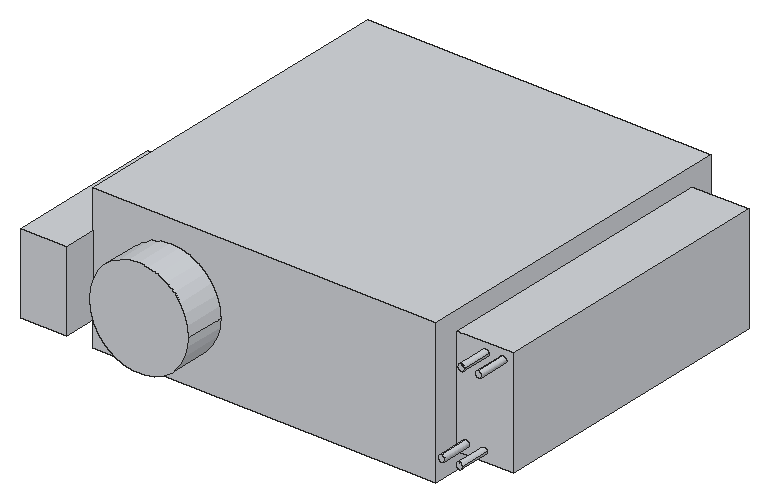
Revit family "ESTS-DOAS", category Mechanical Equipment, Revit 2018
Family settings
  Round Connector Dimension = Use Radius
  Part Type = Normal
  Work Plane-Based = No
  Always vertical = Yes
  Cut with Voids When Loaded = No
  Shared = No
  Room Calculation Point = No
Parameters (values of type "ESTS/DOAS 3/4-hp - 14L W/6ROW NO Filter")
  Type Comments = ""
  Second Pipe H = Row F - 3 7/8"  # 4 1/8"
  Row F = 8"
  Pipe Radius = Connect Dia / 2  # 7/16"
  Induction D = 41"
  Induction C = 15"
  Induct Filter Thickness = 2"
  Induct Filter D = Induction D + 3/4"  # 41 3/4"
  Induct Filter C = Induction C + 3/4"  # 15 3/4"
  Induct Center D = Length / 2  # 24"
  Induct Center C = Height / 2  # 10"
  Inlet Left = yes
  Inlet S = 5 1/2"
  Inlet Right = no
  Inlet Offset = 4"
  Filter RH = no
  Filter LH = no
  Discharge Offset = 3"
  Discharge Height "Y" = 16"
  Discharge Width "X" = 19"
  Width = 48"
  URL = "https://www.anemostat-hvac.com"
  Radius = Diameter / 2  # 6 15/16"
  Model = "ESTS/DOAS"
  Manufacturer = "Anemostat"
  Length = 48"
  Height = 20"
  Duct Inlet = Radius + 1/32"  # 6 31/32"
  Diameter = 13 7/8"
  Description = "DOAS SERIES FAN POWERED AIR TERMINAL"
  Connector for 6ROW RS = yes
  Connector for 6ROW LS = no
  Connect V = 1 5/16"
  Connect Length = 4 1/4"
  Connect H = 1 7/16"
  Connect Dia = 7/8"
Reference planes (in)
  plane 1 "Center (Front/Back)": y = 0
  plane 2: z = 0
  plane 3 "Center (Left/Right)": x = 0
  plane 4 "Right Face": x = 24
  plane 5 "Left Face": x = -24
  plane 6 "Back of Box": y = 48
  plane 7 "Bottom Induction": z = 1
  plane 8 "Horiz. Centerline": z = 10
  plane 9 "Top Induction": z = 19
  plane 10 "Top of Box": z = 20
  plane 11 "Induction Right Edge": x = 22.875
  plane 12 "Inlet Left Edge": x = -20
  plane 13 "Inletplane": y = -5.5
  plane 14: x = 1.875
  plane 15: x = -13.0625
  plane 16 "Discharge Right Edge": x = -21
  plane 17 "Discharge Top Edge": z = 18.75
  plane 18: z = 2.75
  plane 19: x = -2
  plane 20 "Bottom Enclosure": z = 3.5
  plane 21 "Front Enclosure": y = -4.5
  plane 22 "Top Enclosure": z = 14.625
  plane 23 "Rear Enclosure": y = 17.75
  plane 24: x = 20
  plane 25: x = 13.0625
  plane 26: x = -23
  plane 27: x = -2
  plane 28 "Filter": y = -1
  plane 29: x = 21
  plane 30: x = 2
  plane 31 "Sound Elbow": y = -20
  plane 32: x = 0
  plane 33: z = 3.0625
  plane 34 "Induct Rear": y = 44.5
  plane 35 "Induct Front": y = 3.5
  plane 36: z = 2.5
  plane 37: z = 17.5
  plane 38: y = 24
  plane 39: z = 10
  plane 40 "Induct Filter": x = 30.5625
  plane 41 "Filter Rear": y = 44.875
  plane 42 "Filter Front": y = 3.125
  plane 43: z = 20.25
  plane 44 "Induct Center": y = 24
  plane 45 "Filter Top": z = 17.875
  plane 46 "Filter Center": z = 10
  plane 47 "Filter Base": z = 2.125
  plane 48 "Induct RH": x = 32
  plane 49: z = 16.1875
  plane 50: x = 25.4375
  plane 51: z = 3.8125
  plane 52 "Left Induct": x = -32
  plane 53 "Pipe LSide": y = -0.75
  plane 54: z = 17.5
  plane 55: z = 10
  plane 56: z = 2.5
  plane 57: y = 3.5
  plane 58: y = 24
  plane 59: y = 44.5
  plane 60 "Filter Left": x = -34
  plane 61: z = 17.875
  plane 62: y = 3.125
  plane 63: z = 10
  plane 64: z = 2.125
  plane 65: y = 44.875
  plane 66: y = 24
  plane 67: z = 16.1875
  plane 68: z = 3.8125
  plane 69: x = -30.5625
  plane 70: x = -25.4375
  plane 71: x = 28.125
  plane 72: x = 27.875
  plane 73: x = -28.125
  plane 74: x = -27.875
Forms (in)
  Extrusion 1, solid
    sketch origin (0, 0, 0) x (1, 0, 0) y (0, 0, 1)
      loop
        line (-24, 20) -> (-24, 0) -> (24, 0) -> (24, 20) -> (-24, 20)
    from 0 to -48
  Extrusion 2, solid, visible <- "Inlet Left"
    sketch origin (-19.14941, 0, 1) x (1, 0, 0) y (0, 0, 1)
      loop
        circle (6.08691, 9) r 6.9375
    from 0 to 5.5 <- "Inlet S"
  Extrusion 3, solid, visible <- "Inlet Left"
    sketch origin (1.75, 48, -18.75) x (-1, 0, 0) y (0, 0, 1)
      loop
        line (22.75, 21.5) -> (22.75, 37.5) -> (3.75, 37.5) -> (3.75, 21.5) -> (22.75, 21.5)
    from 0 to 0.875 <- "Connect Dia"
  Extrusion 4, solid, visible <- "Inlet Left"
    sketch origin (-24, 0, 0) x (0, -1, 0) y (0, 0, 1)
      loop
        line (4.5, 3.5) -> (4.5, 14.625) -> (-17.75, 14.625) -> (-17.75, 3.5) -> (4.5, 3.5)
    from 0 to 6.5
  Extrusion 5, solid, visible <- "Inlet Right"
    sketch origin (13.5, 48, 15.25) x (1, 0, 0) y (0, 0, -1)
      loop
        line (7.5, 12.5) -> (-11.5, 12.5) -> (-11.5, -3.5) -> (7.5, -3.5) -> (7.5, 12.5)
    from 0 to 0.875 <- "Connect Dia"
  Extrusion 6, solid, visible <- "Inlet Right"
    sketch origin (23.5, 0.5, 16.88646) x (0, -1, 0) y (0, 0, -1)
      loop
        line (5, 13.38646) -> (-17.25, 13.38646) -> (-17.25, 2.26146) -> (5, 2.26146) -> (5, 13.38646)
    from 0.5 to 7
  Extrusion 7, solid, visible <- "Inlet Right"
    sketch origin (0, -5.5, 0) x (0, 0, 1) y (1, 0, 0)
      loop
        circle (10, 13.0625) r 6.9375
    from 0 to 5.5 <- "Inlet S"
  Extrusion 8, solid, visible <- "Inlet Left"
    sketch origin (24, 0, 0) x (0, 1, 0) y (0, 0, 1)
      loop
        line (44.5, 2.5) -> (44.5, 17.5) -> (3.5, 17.5) -> (3.5, 2.5) -> (44.5, 2.5)
    from 0 to 8 <- "Row F"
  Extrusion 9, solid, visible <- "Filter RH"
    sketch origin (32, 0, 0) x (0, 0, 1) y (0, -1, 0)
      loop
        line (17.875, -3.125) -> (2.125, -3.125) -> (2.125, -44.875) -> (17.875, -44.875) -> (17.875, -3.125)
    from 0 to 2 <- "Induct Filter Thickness"
  Extrusion 10, solid, visible <- "Inlet Left"
    sketch origin (14.05288, 3.5, 1.11038) x (0, 0, -1) y (1, 0, 0)
      loop
        circle (-15.06503, 16.52025) r 0.4375
      loop
        circle (-2.74251, 11.32119) r 0.4375
    from 0 to 4.25 <- "Connect Length"
  Extrusion 11, solid, visible <- "Inlet Right"
    sketch origin (-32, 0, 0) x (0, 1, 0) y (0, 0, 1)
      loop
        line (44.5, 17.5) -> (3.5, 17.5) -> (3.5, 2.5) -> (44.5, 2.5) -> (44.5, 17.5)
    from 0 to 8 <- "Row F"
  Extrusion 12, solid, visible <- "Filter LH"
    sketch origin (-34, 0, 0) x (0, 1, 0) y (0, 0, 1)
      loop
        line (44.875, 17.875) -> (3.125, 17.875) -> (3.125, 2.125) -> (44.875, 2.125) -> (44.875, 17.875)
    from 0 to 2 <- "Induct Filter Thickness"
  Extrusion 13, solid, visible <- "Inlet Right"
    sketch origin (0, -0.75, 0) x (-1, 0, 0) y (0, 0, 1)
      loop
        circle (30.5625, 16.1875) r 0.4375
      loop
        circle (25.4375, 3.8125) r 0.4375
    from 0 to 4.25 <- "Connect Length"
  Extrusion 14, solid, visible <- "Connector for 6ROW RS"
    sketch origin (0, -0.75, 0) x (-1, 0, 0) y (0, 0, 1)
      loop
        circle (-28.125, 16.1875) r 0.4375
      loop
        circle (-27.875, 3.8125) r 0.4375
    from 0 to 4.25 <- "Connect Length"
  Extrusion 15, solid, visible <- "Connector for 6ROW LS"
    sketch origin (0, -0.75, 0) x (-1, 0, 0) y (0, 0, 1)
      loop
        circle (28.125, 16.1875) r 0.4375
      loop
        circle (27.875, 3.8125) r 0.4375
    from 0 to 4.25 <- "Connect Length"
Dimensions and locks (in)
  "Width": plane 5 "Left Face" to plane 4 "Right Face"
  "Height": plane 10 "Top of Box" to level
  equal spacing: plane 10 "Top of Box", plane 8 "Horiz. Centerline", level
  equal spacing: plane 5 "Left Face", plane 3 "Center (Left/Right)", plane 4 "Right Face"
  locked: plane 10 "Top of Box" to plane 9 "Top Induction" at 1
  locked: plane 7 "Bottom Induction" to level at 1
  locked: plane 4 "Right Face" to plane 11 "Induction Right Edge" at 1.125
  locked: plane 5 "Left Face" to plane 12 "Inlet Left Edge" at 4
  "Length": plane 1 "Center (Front/Back)" to plane 6 "Back of Box"
  locked: plane 11 "Induction Right Edge" to plane 14 at 21
  "Radius": plane 15 to plane 12 "Inlet Left Edge"
  locked: plane 5 "Left Face" to plane 16 "Discharge Right Edge" at 3
  locked: plane 17 "Discharge Top Edge" to plane 10 "Top of Box" at 1.25
  "Discharge Height "Y"": plane 18 to plane 17 "Discharge Top Edge"
  "Discharge Width "X"": plane 16 "Discharge Right Edge" to plane 19
  locked: plane 20 "Bottom Enclosure" to level at 3.5
  locked: plane 1 "Center (Front/Back)" to plane 21 "Front Enclosure" at 4.5
  locked: plane 22 "Top Enclosure" to plane 20 "Bottom Enclosure" at 11.125
  locked: plane 23 "Rear Enclosure" to plane 21 "Front Enclosure" at 22.25
  locked: Extrusion 6 to Extrusion 6 at 6.5
  plane 12 "Inlet Left Edge" to plane 5 "Left Face" = 4"
  "Radius": plane 24 to plane 25
  plane 7 "Bottom Induction" to plane 9 "Top Induction" = 18"
  locked: plane 5 "Left Face" to plane 26 at 1
  locked: plane 26 to plane 27 at 21
  locked: plane 28 "Filter" to plane 1 "Center (Front/Back)" at 1
  "Radius": Extrusion 2 sketch curve to plane 12 "Inlet Left Edge"
  "Discharge Offset": plane 29 to plane 4 "Right Face"
  "Discharge Width "X"": plane 30 to plane 29
  locked: plane 31 "Sound Elbow" to plane 1 "Center (Front/Back)" at 20
  locked: plane 4 "Right Face" to plane 32 at 24
  "Radius": plane 8 "Horiz. Centerline" to plane 33
  "Radius": plane 24 to Extrusion 7 sketch curve
  "Inlet Offset": plane 4 "Right Face" to plane 24
  "Induction D": plane 35 "Induct Front" to plane 34 "Induct Rear"
  "Induction C": plane 37 to plane 36
  equal spacing: plane 35 "Induct Front", plane 38, plane 34 "Induct Rear"
  equal spacing: plane 37, plane 39, plane 36
  "Induct Center D": plane 1 "Center (Front/Back)" to plane 38
  "Induct Center C": plane 39 to plane 10 "Top of Box"
  equal spacing: plane 42 "Filter Front", plane 44 "Induct Center", plane 41 "Filter Rear"
  "Induct Filter D": plane 42 "Filter Front" to plane 41 "Filter Rear"
  "Induct Center D": plane 1 "Center (Front/Back)" to plane 44 "Induct Center"
  equal spacing: plane 45 "Filter Top", plane 46 "Filter Center", plane 47 "Filter Base"
  "Induct Filter C": plane 45 "Filter Top" to plane 47 "Filter Base"
  "Induct Center C": plane 10 "Top of Box" to plane 46 "Filter Center"
  "Connect V": plane 51 to plane 36
  "Connect H": plane 50 to plane 4 "Right Face"
  "Connect V": plane 37 to plane 49
  "Row F": plane 52 "Left Induct" to plane 5 "Left Face"
  "Connect Length": plane 35 "Induct Front" to plane 53 "Pipe LSide"
  "Row F": plane 4 "Right Face" to plane 48 "Induct RH"
  "Connect H": plane 48 "Induct RH" to plane 40 "Induct Filter"
  locked: plane 50 to Extrusion 10 at 0.06342
  equal spacing: plane 59, plane 58, plane 57
  "Induction D": plane 59 to plane 57
  equal spacing: plane 54, plane 55, plane 56
  "Induction C": plane 54 to plane 56
  "Induct Center C": level to plane 55
  "Induct Center D": plane 58 to plane 1 "Center (Front/Back)"
  "Induct Filter Thickness": plane 60 "Filter Left" to plane 52 "Left Induct"
  equal spacing: plane 65, plane 66, plane 62
  "Induct Filter D": plane 65 to plane 62
  equal spacing: plane 61, plane 63, plane 64
  "Induct Filter C": plane 61 to plane 64
  "Induct Center C": level to plane 63
  "Induct Center D": plane 6 "Back of Box" to plane 66
  "Connect V": plane 54 to plane 67
  "Connect H": plane 70 to plane 5 "Left Face"
  "Connect V": plane 68 to plane 56
  "Connect H": plane 69 to plane 52 "Left Induct"
  "Second Pipe H": plane 4 "Right Face" to plane 71
  "Second Pipe H": plane 48 "Induct RH" to plane 72
  "Second Pipe H": plane 73 to plane 5 "Left Face"
  "Second Pipe H": plane 74 to plane 52 "Left Induct"
  "Radius": radius of Extrusion 2 sketch curve
  "Radius": radius of Extrusion 7 sketch curve
  "Connect Dia": diameter of Extrusion 10 sketch curve  (x2)
  "Connect Dia": diameter of Extrusion 13 sketch curve  (x2)
  "Connect Dia": diameter of Extrusion 14 sketch curve  (x2)
  "Connect Dia": diameter of Extrusion 15 sketch curve  (x2)
  aligned and locked: plane 6 "Back of Box" to Extrusion 1
  aligned and locked: plane 21 "Front Enclosure" to Extrusion 4 sketch curve
  aligned and locked: plane 20 "Bottom Enclosure" to Extrusion 4 sketch curve
  aligned and locked: plane 22 "Top Enclosure" to Extrusion 4 sketch curve
  aligned and locked: plane 23 "Rear Enclosure" to Extrusion 4 sketch curve
  aligned and locked: plane 22 "Top Enclosure" to Extrusion 6
  aligned and locked: Extrusion 6 to plane 20 "Bottom Enclosure"
  aligned and locked: Extrusion 6 to plane 4 "Right Face"
  aligned and locked: Extrusion 6 to plane 23 "Rear Enclosure"
  aligned and locked: plane 21 "Front Enclosure" to Extrusion 6
  aligned and locked: plane 17 "Discharge Top Edge" to Extrusion 3
  aligned and locked: Extrusion 3 to plane 18
  aligned and locked: Extrusion 5 to plane 18
  aligned and locked: plane 17 "Discharge Top Edge" to Extrusion 5
  aligned and locked: plane 8 "Horiz. Centerline" to Extrusion 2
  aligned and locked: plane 16 "Discharge Right Edge" to Extrusion 3
  aligned and locked: Extrusion 3 to plane 19
  aligned and locked: Extrusion 5 to plane 30
  aligned and locked: plane 29 to Extrusion 5
  aligned and locked: Extrusion 8 sketch curve to plane 35 "Induct Front"
  aligned and locked: Extrusion 8 sketch curve to plane 37
  aligned and locked: Extrusion 8 sketch curve to plane 34 "Induct Rear"
  aligned and locked: Extrusion 8 sketch curve to plane 36
  aligned and locked: Extrusion 9 sketch curve to plane 45 "Filter Top"
  aligned and locked: Extrusion 9 sketch curve to plane 42 "Filter Front"
  aligned and locked: Extrusion 9 sketch curve to plane 41 "Filter Rear"
  aligned and locked: plane 47 "Filter Base" to Extrusion 9 sketch curve
  aligned and locked: Extrusion 11 sketch curve to plane 54
  aligned and locked: Extrusion 11 sketch curve to plane 59
  aligned and locked: Extrusion 11 sketch curve to plane 56
  aligned and locked: plane 57 to Extrusion 11 sketch curve
  aligned and locked: Extrusion 12 sketch curve to plane 61
  aligned and locked: Extrusion 12 sketch curve to plane 65
  aligned and locked: plane 64 to Extrusion 12 sketch curve
  aligned and locked: plane 62 to Extrusion 12 sketch curve
Automatic sketch dimensions
  Extrusion 1 sketch curve to level = 0"
  plane 5 "Left Face" to Extrusion 1 sketch curve = 0"
  Extrusion 1 sketch curve to plane 4 "Right Face" = 0"
  Extrusion 1 sketch curve to plane 10 "Top of Box" = 0"
  Extrusion 3 sketch curve to plane 18 = 0"
  Extrusion 3 sketch curve to plane 19 = 0"
  Extrusion 3 sketch curve to plane 16 "Discharge Right Edge" = 0"
  Extrusion 3 sketch curve to plane 17 "Discharge Top Edge" = 0"
  Extrusion 5 sketch curve to plane 18 = 0"
  Extrusion 5 sketch curve to plane 17 "Discharge Top Edge" = 0"
  Extrusion 5 sketch curve to plane 14 = 1/8"
  plane 11 "Induction Right Edge" to Extrusion 5 sketch curve = 1 7/8"
  plane 20 "Bottom Enclosure" to Extrusion 6 sketch curve = 0"
  Extrusion 6 sketch curve to plane 23 "Rear Enclosure" = 0"
  Extrusion 6 sketch curve to plane 21 "Front Enclosure" = 0"
  plane 22 "Top Enclosure" to Extrusion 6 sketch curve = 0"
  Extrusion 2 sketch curve to plane 8 "Horiz. Centerline" = 0"
  Extrusion 7 sketch curve to plane 8 "Horiz. Centerline" = 0"
  plane 49 to Extrusion 10 sketch curve = 0.01209"
  Extrusion 10 sketch curve to plane 51 = 0.04039"
  Extrusion 10 sketch curve to plane 50 = 0.06342"
  plane 40 "Induct Filter" to Extrusion 10 sketch curve = 0.01063"
  Extrusion 13 sketch curve to plane 51 = 0"
  Extrusion 13 sketch curve to plane 70 = 0"
  Extrusion 13 sketch curve to plane 49 = 0"
  Extrusion 13 sketch curve to plane 69 = 0"
  Extrusion 14 sketch curve to plane 49 = 0"
  plane 71 to Extrusion 14 sketch curve = 0"
  Extrusion 14 sketch curve to plane 51 = 0"
  Extrusion 14 sketch curve to plane 72 = 0"
  Extrusion 15 sketch curve to plane 49 = 0"
  plane 73 to Extrusion 15 sketch curve = 0"
  Extrusion 15 sketch curve to plane 51 = 0"
  Extrusion 15 sketch curve to plane 74 = 0"
Connectors (in)
  hvac at (-13.0625, -5.5, 10), driven by "Radius"
    settings: on Extrusion 2, index 1, duct flow 0 CFM, flow factor 0, pres drop 0.00 in-wg, loss coef 0, conn angle 0.00°, conn width 12", conn height 12", conn diameter 13 7/8", duct sys type 1, conn prof type 0, flow config 0, flow direction 1, loss method 0, conn ref index -1, conn util no, is conn primary yes, conn desc ""
  hvac at (-11.5, 48.875, 10.75), driven by "Discharge Width "X"", driven by "Discharge Height "Y""
    settings: on Extrusion 3, index 2, duct flow 0 CFM, flow factor 0, pres drop 0.00 in-wg, loss coef 0, conn angle 0.00°, conn width 19", conn height 16", conn diameter 24", duct sys type 1, conn prof type 1, flow config 0, flow direction 2, loss method 0, conn ref index -1, conn util no, is conn primary no, conn desc ""
  hvac at (11.5, 48.875, 10.75), driven by "Discharge Height "Y"", driven by "Discharge Width "X""
    settings: on Extrusion 5, index 4, duct flow 0 CFM, flow factor 0, pres drop 0.00 in-wg, loss coef 0, conn angle 0.00°, conn width 19", conn height 16", conn diameter 24", duct sys type 3, conn prof type 1, flow config 0, flow direction 0, loss method 0, conn ref index -1, conn util no, is conn primary no, conn desc ""
  hvac at (13.0625, -5.5, 10), driven by "Radius"
    settings: on Extrusion 7, index 5, duct flow 0 CFM, flow factor 0, pres drop 0.00 in-wg, loss coef 0, conn angle 0.00°, conn width 12", conn height 12", conn diameter 13 7/8", duct sys type 3, conn prof type 0, flow config 0, flow direction 0, loss method 0, conn ref index -1, conn util no, is conn primary no, conn desc ""
  electrical at (30.5, 6.625, 9.0625)
    settings: on Extrusion 6, index 6, voltage 0 V, apparent load 0 VA, apparent load phase1 0 VA, apparent load phase2 0 VA, apparent load phase3 0 VA, power factor 1, load classification "Other", number of poles 1, system type 31, power factor state 1, is connector primary yes, connector utility no, sub classification motor no, connector description ""
  electrical at (-30.5, 6.625, 9.0625)
    settings: on Extrusion 4, index 7, voltage 0 V, apparent load 0 VA, apparent load phase1 0 VA, apparent load phase2 0 VA, apparent load phase3 0 VA, power factor 1, load classification "Other", number of poles 1, system type 31, power factor state 1, is connector primary no, connector utility no, sub classification motor no, connector description ""
  piping at (30.57313, -0.75, 16.17541), diameter 0.875, driven by "Pipe Radius"
    settings: on Extrusion 10, index 8, connector inside diameter 24", connector length 0", flow factor 0, pipe flow 0 GPM, pressure drop 0.00 psi, fitting loss kfactor 0, connector angle 0.00°, fixture units 0, engagement length 0", angle of deflection 0.00°, flow configuration 0, flow direction 0, fitting loss method 0, system type 7, joint type 0, gender type 0, connector reference index -1, connector utility 0, adjustable connector no, is connector primary yes, connector description ""
  piping at (25.37408, -0.75, 3.85289), diameter 0.875, driven by "Pipe Radius"
    settings: on Extrusion 10, index 9, connector inside diameter 24", connector length 0", flow factor 0, pipe flow 0 GPM, pressure drop 0.00 psi, fitting loss kfactor 0, connector angle 0.00°, fixture units 0, engagement length 0", angle of deflection 0.00°, flow configuration 0, flow direction 0, fitting loss method 0, system type 7, joint type 0, gender type 0, connector reference index -1, connector utility 0, adjustable connector no, is connector primary no, connector description ""
  piping at (-30.5625, -0.75, 16.1875), diameter 0.875, driven by "Pipe Radius"
    settings: on Extrusion 13, index 10, connector inside diameter 24", connector length 0", flow factor 0, pipe flow 0 GPM, pressure drop 0.00 psi, fitting loss kfactor 0, connector angle 0.00°, fixture units 0, engagement length 0", angle of deflection 0.00°, flow configuration 0, flow direction 0, fitting loss method 0, system type 7, joint type 0, gender type 0, connector reference index -1, connector utility 0, adjustable connector no, is connector primary no, connector description ""
  piping at (-25.4375, -0.75, 3.8125), diameter 0.875, driven by "Pipe Radius"
    settings: on Extrusion 13, index 11, connector inside diameter 24", connector length 0", flow factor 0, pipe flow 0 GPM, pressure drop 0.00 psi, fitting loss kfactor 0, connector angle 0.00°, fixture units 0, engagement length 0", angle of deflection 0.00°, flow configuration 0, flow direction 0, fitting loss method 0, system type 7, joint type 0, gender type 0, connector reference index -1, connector utility 0, adjustable connector no, is connector primary no, connector description ""
  piping at (28.125, -0.75, 16.1875), diameter 1.75, driven by "Connect Dia"
    settings: on Extrusion 14, index 12, connector inside diameter 24", connector length 0", flow factor 0, pipe flow 0 GPM, pressure drop 0.00 psi, fitting loss kfactor 0, connector angle 0.00°, fixture units 0, engagement length 0", angle of deflection 0.00°, flow configuration 0, flow direction 0, fitting loss method 0, system type 7, joint type 0, gender type 0, connector reference index -1, connector utility 0, adjustable connector no, is connector primary no, connector description ""
  piping at (27.875, -0.75, 3.8125), diameter 1.75, driven by "Connect Dia"
    settings: on Extrusion 14, index 13, connector inside diameter 24", connector length 0", flow factor 0, pipe flow 0 GPM, pressure drop 0.00 psi, fitting loss kfactor 0, connector angle 0.00°, fixture units 0, engagement length 0", angle of deflection 0.00°, flow configuration 0, flow direction 0, fitting loss method 0, system type 7, joint type 0, gender type 0, connector reference index -1, connector utility 0, adjustable connector no, is connector primary no, connector description ""
  piping at (-30.5625, -0.75, 16.1875), diameter 1.75, driven by "Connect Dia"
    settings: on Extrusion 13, index 14, connector inside diameter 24", connector length 0", flow factor 0, pipe flow 0 GPM, pressure drop 0.00 psi, fitting loss kfactor 0, connector angle 0.00°, fixture units 0, engagement length 0", angle of deflection 0.00°, flow configuration 0, flow direction 0, fitting loss method 0, system type 7, joint type 0, gender type 0, connector reference index -1, connector utility 0, adjustable connector no, is connector primary no, connector description ""
  piping at (-27.875, -0.75, 3.8125), diameter 1.75, driven by "Connect Dia"
    settings: on Extrusion 15, index 15, connector inside diameter 24", connector length 0", flow factor 0, pipe flow 0 GPM, pressure drop 0.00 psi, fitting loss kfactor 0, connector angle 0.00°, fixture units 0, engagement length 0", angle of deflection 0.00°, flow configuration 0, flow direction 0, fitting loss method 0, system type 7, joint type 0, gender type 0, connector reference index -1, connector utility 0, adjustable connector no, is connector primary no, connector description ""
Types (364): name | Second Pipe H | Row F | Induction D | Induct Filter D | Induct Center D | Induct Center C | Inlet Left | Inlet Right | Filter RH | Filter LH | Discharge Height "Y" | Discharge Width "X" | Width | URL | Radius | Model | Length | Height | Duct Inlet | Diameter | Description | Connector for 6ROW RS | Connector for 6ROW LS | Connect Length | Connect H
  ESTS/DOAS 1-hp - 16L W/2ROW & Filter | 1/8" | 4" | 41" | 41 3/4" | 24" | 10" | yes | no | yes | no | 16" | 19" | 48" | "https://www.anemostat-hvac.com" | 7 15/16" | "ESTS/DOAS" | 48" | 20" | 7 31/32" | 15 7/8" | "DOAS SERIES FAN POWERED AIR TERMINAL" | no | no | 4 1/2" | 1 7/16"
  ESTS/DOAS 3/4-hp - 14L W/2ROW & Filter | 1/8" | 4" | 41" | 41 3/4" | 24" | 10" | yes | no | yes | no | 16" | 19" | 48" | "https://www.anemostat-hvac.com" | 6 15/16" | "ESTS/DOAS" | 48" | 20" | 6 31/32" | 13 7/8" | "DOAS SERIES FAN POWERED AIR TERMINAL" | no | no | 4 1/4" | 1 7/16"
  ESTS/DOAS 1/2-hp - 14L W/2ROW & Filter | 1/8" | 4" | 33" | 33 3/4" | 20" | 9" | yes | no | yes | no | 12" | 14" | 40" | "https://www.anemostat-hvac.com" | 6 15/16" | "ESTS/DOAS" | 40" | 18" | 6 31/32" | 13 7/8" | "DOAS SERIES FAN POWERED AIR TERMINAL" | no | no | 4 1/2" | 1 7/16"
  ESTS/DOAS 1/3-hp - 10L W/2ROW & Filter | 1/8" | 4" | 29" | 29 3/4" | 18" | 9" | yes | no | yes | no | 11" | 11 1/2" | 32" | "https://www.anemostat-hvac.com" | 4 15/16" | "ESTS/DOAS" | 36" | 18" | 4 31/32" | 9 7/8" | "DOAS SERIES FAN POWERED AIR TERMINAL" | no | no | 4 1/2" | 1 7/16"
  ESTS/DOAS 3/4-hp - 14R W/2ROW & Filter | 1/8" | 4" | 41" | 41 3/4" | 24" | 10" | no | yes | no | yes | 16" | 19" | 48" | "https://www.anemostat-hvac.com" | 6 15/16" | "ESTS/DOAS" | 48" | 20" | 6 31/32" | 13 7/8" | "DOAS SERIES FAN POWERED AIR TERMINAL" | no | no | 4 1/4" | 1 7/16"
  ESTS/DOAS 1-hp - 16R W/2ROW & Filter | 1/8" | 4" | 41" | 41 3/4" | 24" | 10" | no | yes | no | yes | 16" | 19" | 48" | "http://www.anemostat.com" | 7 15/16" | "ESTS" | 48" | 20" | 7 31/32" | 15 7/8" | "Series Fan Powered Air Terminal with ECM Motor" | no | no | 4 1/4" | 1 5/16"
  ESTS/DOAS 1/3-hp - 10R W/2ROW & Filter | 1/8" | 4" | 29" | 29 3/4" | 18" | 9" | no | yes | no | yes | 11" | 11 1/2" | 32" | "https://www.anemostat-hvac.com" | 4 15/16" | "ESTS/DOAS" | 36" | 18" | 4 31/32" | 9 7/8" | "DOAS SERIES FAN POWERED AIR TERMINAL" | no | no | 4 1/2" | 1 7/16"
  ESTS/DOAS 1/2-hp - 14R W/2ROW & Filter | 1/8" | 4" | 33" | 33 3/4" | 20" | 9" | no | yes | no | yes | 12" | 14" | 40" | "https://www.anemostat-hvac.com" | 6 15/16" | "ESTS/DOAS" | 40" | 18" | 6 31/32" | 13 7/8" | "DOAS SERIES FAN POWERED AIR TERMINAL" | no | no | 4 1/2" | 1 7/16"
  ESTS/DOAS 1/3-hp - 09L W/2ROW & Filter | 1/8" | 4" | 29" | 29 3/4" | 18" | 9" | yes | no | yes | no | 11" | 11 1/2" | 32" | "https://www.anemostat-hvac.com" | 4 7/16" | "ESTS/DOAS" | 36" | 18" | 4 15/32" | 8 7/8" | "DOAS SERIES FAN POWERED AIR TERMINAL" | no | no | 4 1/2" | 1 7/16"
  ESTS/DOAS 1/3-hp - 08L W/2ROW & Filter | 1/8" | 4" | 29" | 29 3/4" | 18" | 9" | yes | no | yes | no | 11" | 11 1/2" | 32" | "https://www.anemostat-hvac.com" | 3 15/16" | "ESTS/DOAS" | 36" | 18" | 3 31/32" | 7 7/8" | "DOAS SERIES FAN POWERED AIR TERMINAL" | no | no | 4 1/2" | 1 7/16"
  ESTS/DOAS 1/3-hp - 07L W/2ROW & Filter | 1/8" | 4" | 29" | 29 3/4" | 18" | 9" | yes | no | yes | no | 11" | 11 1/2" | 32" | "https://www.anemostat-hvac.com" | 3 7/16" | "ESTS/DOAS" | 36" | 18" | 3 15/32" | 6 7/8" | "DOAS SERIES FAN POWERED AIR TERMINAL" | no | no | 4 1/2" | 1 7/16"
  ESTS/DOAS 1/3-hp - 06L W/2ROW & Filter | 1/8" | 4" | 29" | 29 3/4" | 18" | 9" | yes | no | yes | no | 11" | 11 1/2" | 32" | "https://www.anemostat-hvac.com" | 2 15/16" | "ESTS/DOAS" | 36" | 18" | 2 31/32" | 5 7/8" | "DOAS SERIES FAN POWERED AIR TERMINAL" | no | no | 4 1/2" | 1 7/16"
  ESTS/DOAS 1/3-hp - 05L W/2ROW & Filter | 1/8" | 4" | 29" | 29 3/4" | 18" | 9" | yes | no | yes | no | 11" | 11 1/2" | 32" | "https://www.anemostat-hvac.com" | 2 7/16" | "ESTS/DOAS" | 36" | 18" | 2 15/32" | 4 7/8" | "DOAS SERIES FAN POWERED AIR TERMINAL" | no | no | 4 1/2" | 1 7/16"
  ESTS/DOAS 1/3-hp - 09R W/2ROW & Filter | 1/8" | 4" | 29" | 29 3/4" | 18" | 9" | no | yes | no | yes | 11" | 11 1/2" | 32" | "https://www.anemostat-hvac.com" | 4 7/16" | "ESTS/DOAS" | 36" | 18" | 4 15/32" | 8 7/8" | "DOAS SERIES FAN POWERED AIR TERMINAL" | no | no | 4 1/2" | 1 7/16"
  ESTS/DOAS 1/3-hp - 08R W/2ROW & Filter | 1/8" | 4" | 29" | 29 3/4" | 18" | 9" | no | yes | no | yes | 11" | 11 1/2" | 32" | "https://www.anemostat-hvac.com" | 3 15/16" | "ESTS/DOAS" | 36" | 18" | 3 31/32" | 7 7/8" | "DOAS SERIES FAN POWERED AIR TERMINAL" | no | no | 4 1/2" | 1 7/16"
  ESTS/DOAS 1/3-hp - 07R W/2ROW & Filter | 1/8" | 4" | 29" | 29 3/4" | 18" | 9" | no | yes | no | yes | 11" | 11 1/2" | 32" | "https://www.anemostat-hvac.com" | 3 7/16" | "ESTS/DOAS" | 36" | 18" | 3 15/32" | 6 7/8" | "DOAS SERIES FAN POWERED AIR TERMINAL" | no | no | 4 1/2" | 1 7/16"
  ESTS/DOAS 1/3-hp - 06R W/2ROW & Filter | 1/8" | 4" | 29" | 29 3/4" | 18" | 9" | no | yes | no | yes | 11" | 11 1/2" | 32" | "https://www.anemostat-hvac.com" | 2 15/16" | "ESTS/DOAS" | 36" | 18" | 2 31/32" | 5 7/8" | "DOAS SERIES FAN POWERED AIR TERMINAL" | no | no | 4 1/2" | 1 7/16"
  ESTS/DOAS 1/3-hp - 05R W/2ROW & Filter | 1/8" | 4" | 29" | 29 3/4" | 18" | 9" | no | yes | no | yes | 11" | 11 1/2" | 32" | "https://www.anemostat-hvac.com" | 2 7/16" | "ESTS/DOAS" | 36" | 18" | 2 15/32" | 4 7/8" | "DOAS SERIES FAN POWERED AIR TERMINAL" | no | no | 4 1/2" | 1 7/16"
  ESTS/DOAS 1/2-hp - 14L W/2ROW NO Filter | 1/8" | 4" | 33" | 33 3/4" | 20" | 9" | yes | no | no | no | 12" | 14" | 40" | "https://www.anemostat-hvac.com" | 6 15/16" | "ESTS/DOAS" | 40" | 18" | 6 31/32" | 13 7/8" | "DOAS SERIES FAN POWERED AIR TERMINAL" | no | no | 4 1/2" | 1 7/16"
  ESTS/DOAS 1/3-hp - 10R W/2ROW NO Filter | 1/8" | 4" | 29" | 29 3/4" | 18" | 9" | no | yes | no | no | 11" | 11 1/2" | 32" | "https://www.anemostat-hvac.com" | 4 15/16" | "ESTS/DOAS" | 36" | 18" | 4 31/32" | 9 7/8" | "DOAS SERIES FAN POWERED AIR TERMINAL" | no | no | 4 1/2" | 1 7/16"
  ESTS/DOAS 1/3-hp - 10L W/2ROW NO Filter | 1/8" | 4" | 29" | 29 3/4" | 18" | 9" | yes | no | no | no | 11" | 11 1/2" | 32" | "https://www.anemostat-hvac.com" | 4 15/16" | "ESTS/DOAS" | 36" | 18" | 4 31/32" | 9 7/8" | "DOAS SERIES FAN POWERED AIR TERMINAL" | no | no | 4 1/2" | 1 7/16"
  ESTS/DOAS 1/3-hp - 09R W/2ROW NO Filter | 1/8" | 4" | 29" | 29 3/4" | 18" | 9" | no | yes | no | no | 11" | 11 1/2" | 32" | "https://www.anemostat-hvac.com" | 4 7/16" | "ESTS/DOAS" | 36" | 18" | 4 15/32" | 8 7/8" | "DOAS SERIES FAN POWERED AIR TERMINAL" | no | no | 4 1/2" | 1 7/16"
  ESTS/DOAS 1/3-hp - 09L W/2ROW NO Filter | 1/8" | 4" | 29" | 29 3/4" | 18" | 9" | yes | no | no | no | 11" | 11 1/2" | 32" | "https://www.anemostat-hvac.com" | 4 7/16" | "ESTS/DOAS" | 36" | 18" | 4 15/32" | 8 7/8" | "DOAS SERIES FAN POWERED AIR TERMINAL" | no | no | 4 1/2" | 1 7/16"
  ESTS/DOAS 1/3-hp - 08R W/2ROW NO Filter | 1/8" | 4" | 29" | 29 3/4" | 18" | 9" | no | yes | no | no | 11" | 11 1/2" | 32" | "https://www.anemostat-hvac.com" | 3 15/16" | "ESTS/DOAS" | 36" | 18" | 3 31/32" | 7 7/8" | "DOAS SERIES FAN POWERED AIR TERMINAL" | no | no | 4 1/2" | 1 7/16"
  ESTS/DOAS 1/3-hp - 08L W/2ROW NO Filter | 1/8" | 4" | 29" | 29 3/4" | 18" | 9" | yes | no | no | no | 11" | 11 1/2" | 32" | "https://www.anemostat-hvac.com" | 3 15/16" | "ESTS/DOAS" | 36" | 18" | 3 31/32" | 7 7/8" | "DOAS SERIES FAN POWERED AIR TERMINAL" | no | no | 4 1/2" | 1 7/16"
  ESTS/DOAS 1/3-hp - 07R W/2ROW NO Filter | 1/8" | 4" | 29" | 29 3/4" | 18" | 9" | no | yes | no | no | 11" | 11 1/2" | 32" | "https://www.anemostat-hvac.com" | 3 7/16" | "ESTS/DOAS" | 36" | 18" | 3 15/32" | 6 7/8" | "DOAS SERIES FAN POWERED AIR TERMINAL" | no | no | 4 1/2" | 1 7/16"
  ESTS/DOAS 1/3-hp - 07L W/2ROW NO Filter | 1/8" | 4" | 29" | 29 3/4" | 18" | 9" | yes | no | no | no | 11" | 11 1/2" | 32" | "https://www.anemostat-hvac.com" | 3 7/16" | "ESTS/DOAS" | 36" | 18" | 3 15/32" | 6 7/8" | "DOAS SERIES FAN POWERED AIR TERMINAL" | no | no | 4 1/2" | 1 7/16"
  ESTS/DOAS 1/3-hp - 06R W/2ROW NO Filter | 1/8" | 4" | 29" | 29 3/4" | 18" | 9" | no | yes | no | no | 11" | 11 1/2" | 32" | "https://www.anemostat-hvac.com" | 2 15/16" | "ESTS/DOAS" | 36" | 18" | 2 31/32" | 5 7/8" | "DOAS SERIES FAN POWERED AIR TERMINAL" | no | no | 4 1/2" | 1 7/16"
  ESTS/DOAS 1/3-hp - 06L W/2ROW NO Filter | 1/8" | 4" | 29" | 29 3/4" | 18" | 9" | yes | no | no | no | 11" | 11 1/2" | 32" | "https://www.anemostat-hvac.com" | 2 15/16" | "ESTS/DOAS" | 36" | 18" | 2 31/32" | 5 7/8" | "DOAS SERIES FAN POWERED AIR TERMINAL" | no | no | 4 1/2" | 1 7/16"
  ESTS/DOAS 1/3-hp - 05R W/2ROW NO Filter | 1/8" | 4" | 29" | 29 3/4" | 18" | 9" | no | yes | no | no | 11" | 11 1/2" | 32" | "https://www.anemostat-hvac.com" | 2 7/16" | "ESTS/DOAS" | 36" | 18" | 2 15/32" | 4 7/8" | "DOAS SERIES FAN POWERED AIR TERMINAL" | no | no | 4 1/2" | 1 7/16"
  ESTS/DOAS 1/3-hp - 05L W/2ROW NO Filter | 1/8" | 4" | 29" | 29 3/4" | 18" | 9" | yes | no | no | no | 11" | 11 1/2" | 32" | "https://www.anemostat-hvac.com" | 2 7/16" | "ESTS/DOAS" | 36" | 18" | 2 15/32" | 4 7/8" | "DOAS SERIES FAN POWERED AIR TERMINAL" | no | no | 4 1/2" | 1 7/16"
  ESTS/DOAS 1/2-hp - 14R W/2ROW NO Filter | 1/8" | 4" | 33" | 33 3/4" | 20" | 9" | no | yes | no | no | 12" | 14" | 40" | "https://www.anemostat-hvac.com" | 6 15/16" | "ESTS/DOAS" | 40" | 18" | 6 31/32" | 13 7/8" | "DOAS SERIES FAN POWERED AIR TERMINAL" | no | no | 4 1/2" | 1 7/16"
  ESTS/DOAS 3/4-hp - 14R W/2ROW NO Filter | 1/8" | 4" | 41" | 41 3/4" | 24" | 10" | no | yes | no | no | 16" | 19" | 48" | "https://www.anemostat-hvac.com" | 6 15/16" | "ESTS/DOAS" | 48" | 20" | 6 31/32" | 13 7/8" | "DOAS SERIES FAN POWERED AIR TERMINAL" | no | no | 4 1/4" | 1 7/16"
  ESTS/DOAS 3/4-hp - 14L W/2ROW NO Filter | 1/8" | 4" | 41" | 41 3/4" | 24" | 10" | yes | no | no | no | 16" | 19" | 48" | "https://www.anemostat-hvac.com" | 6 15/16" | "ESTS/DOAS" | 48" | 20" | 6 31/32" | 13 7/8" | "DOAS SERIES FAN POWERED AIR TERMINAL" | yes | no | 4 1/4" | 1 7/16"
  ESTS/DOAS 1-hp - 16R W/2ROW NO Filter | 1/8" | 4" | 41" | 41 3/4" | 24" | 10" | no | yes | no | no | 16" | 19" | 48" | "http://www.anemostat.com" | 7 15/16" | "ESTS" | 48" | 20" | 7 31/32" | 15 7/8" | "Series Fan Powered Air Terminal with ECM Motor" | no | no | 4 1/4" | 1 5/16"
  ESTS/DOAS 1-hp - 14L W/2ROW NO Filter | 1/8" | 4" | 41" | 41 3/4" | 24" | 10" | yes | no | no | no | 16" | 19" | 48" | "https://www.anemostat-hvac.com" | 6 15/16" | "ESTS/DOAS" | 48" | 20" | 6 31/32" | 13 7/8" | "DOAS SERIES FAN POWERED AIR TERMINAL" | no | no | 4 1/4" | 1 7/16"
  ESTS/DOAS 1-hp - 12L W/2ROW NO Filter | 1/8" | 4" | 41" | 41 3/4" | 24" | 10" | yes | no | no | no | 16" | 19" | 48" | "https://www.anemostat-hvac.com" | 5 15/16" | "ESTS/DOAS" | 48" | 20" | 5 31/32" | 11 7/8" | "DOAS SERIES FAN POWERED AIR TERMINAL" | no | no | 4 1/2" | 1 7/16"
  ESTS/DOAS 1-hp - 14L W/2ROW & Filter | 1/8" | 4" | 41" | 41 3/4" | 24" | 10" | yes | no | yes | no | 16" | 19" | 48" | "https://www.anemostat-hvac.com" | 6 15/16" | "ESTS/DOAS" | 48" | 20" | 6 31/32" | 13 7/8" | "DOAS SERIES FAN POWERED AIR TERMINAL" | no | no | 4 1/2" | 1 7/16"
  ESTS/DOAS 1-hp - 12L W/2ROW & Filter | 1/8" | 4" | 41" | 41 3/4" | 24" | 10" | yes | no | yes | no | 16" | 19" | 48" | "https://www.anemostat-hvac.com" | 5 15/16" | "ESTS/DOAS" | 48" | 20" | 5 31/32" | 11 7/8" | "DOAS SERIES FAN POWERED AIR TERMINAL" | no | no | 4 1/2" | 1 7/16"
  ESTS/DOAS 1-hp - 14R W/2ROW & Filter | 1/8" | 4" | 41" | 41 3/4" | 24" | 10" | no | yes | no | yes | 16" | 19" | 48" | "http://www.anemostat.com" | 6 15/16" | "ESTS" | 48" | 20" | 6 31/32" | 13 7/8" | "Series Fan Powered Air Terminal with ECM Motor" | no | no | 4 1/4" | 1 5/16"
  ESTS/DOAS 1-hp - 12R W/2ROW & Filter | 1/8" | 4" | 41" | 41 3/4" | 24" | 10" | no | yes | no | yes | 16" | 19" | 48" | "http://www.anemostat.com" | 5 15/16" | "ESTS" | 48" | 20" | 5 31/32" | 11 7/8" | "Series Fan Powered Air Terminal with ECM Motor" | no | no | 4 1/4" | 1 5/16"
  ESTS/DOAS 1-hp - 10R W/2ROW & Filter | 1/8" | 4" | 41" | 41 3/4" | 24" | 10" | no | yes | no | yes | 16" | 19" | 48" | "http://www.anemostat.com" | 4 15/16" | "ESTS" | 48" | 20" | 4 31/32" | 9 7/8" | "Series Fan Powered Air Terminal with ECM Motor" | no | no | 4 1/4" | 1 5/16"
  ESTS/DOAS 1-hp - 09R W/2ROW & Filter | 1/8" | 4" | 41" | 41 3/4" | 24" | 10" | no | yes | no | yes | 16" | 19" | 48" | "http://www.anemostat.com" | 4 7/16" | "ESTS" | 48" | 20" | 4 15/32" | 8 7/8" | "Series Fan Powered Air Terminal with ECM Motor" | no | no | 4 1/4" | 1 5/16"
  ESTS/DOAS 1-hp - 08R W/2ROW & Filter | 1/8" | 4" | 41" | 41 3/4" | 24" | 10" | no | yes | no | yes | 16" | 19" | 48" | "http://www.anemostat.com" | 3 15/16" | "ESTS" | 48" | 20" | 3 31/32" | 7 7/8" | "Series Fan Powered Air Terminal with ECM Motor" | no | no | 4 1/4" | 1 5/16"
  ESTS/DOAS 1-hp - 07R W/2ROW & Filter | 1/8" | 4" | 41" | 41 3/4" | 24" | 10" | no | yes | no | yes | 16" | 19" | 48" | "http://www.anemostat.com" | 3 7/16" | "ESTS" | 48" | 20" | 3 15/32" | 6 7/8" | "Series Fan Powered Air Terminal with ECM Motor" | no | no | 4 1/4" | 1 5/16"
  ESTS/DOAS 1-hp - 06R W/2ROW & Filter | 1/8" | 4" | 41" | 41 3/4" | 24" | 10" | no | yes | no | yes | 16" | 19" | 48" | "http://www.anemostat.com" | 2 15/16" | "ESTS" | 48" | 20" | 2 31/32" | 5 7/8" | "Series Fan Powered Air Terminal with ECM Motor" | no | no | 4 1/4" | 1 5/16"
  ESTS/DOAS 1-hp - 05R W/2ROW & Filter | 1/8" | 4" | 41" | 41 3/4" | 24" | 10" | no | yes | yes | no | 16" | 19" | 48" | "http://www.anemostat.com" | 2 7/16" | "ESTS" | 48" | 20" | 2 15/32" | 4 7/8" | "Series Fan Powered Air Terminal with ECM Motor" | no | no | 4 1/4" | 1 5/16"
  ESTS/DOAS 1-hp - 14R W/2ROW NO Filter | 1/8" | 4" | 41" | 41 3/4" | 24" | 10" | no | yes | no | no | 16" | 19" | 48" | "http://www.anemostat.com" | 6 15/16" | "ESTS" | 48" | 20" | 6 31/32" | 13 7/8" | "Series Fan Powered Air Terminal with ECM Motor" | no | no | 4 1/4" | 1 5/16"
  ESTS/DOAS 1-hp - 12R W/2ROW NO Filter | 1/8" | 4" | 41" | 41 3/4" | 24" | 10" | no | yes | no | no | 16" | 19" | 48" | "http://www.anemostat.com" | 5 15/16" | "ESTS" | 48" | 20" | 5 31/32" | 11 7/8" | "Series Fan Powered Air Terminal with ECM Motor" | no | no | 4 1/4" | 1 5/16"
  ESTS/DOAS 1-hp - 10R W/2ROW NO Filter | 1/8" | 4" | 41" | 41 3/4" | 24" | 10" | no | yes | no | no | 16" | 19" | 48" | "http://www.anemostat.com" | 4 15/16" | "ESTS" | 48" | 20" | 4 31/32" | 9 7/8" | "Series Fan Powered Air Terminal with ECM Motor" | no | no | 4 1/4" | 1 5/16"
  ESTS/DOAS 1-hp - 09R W/2ROW NO Filter | 1/8" | 4" | 41" | 41 3/4" | 24" | 10" | no | yes | no | no | 16" | 19" | 48" | "http://www.anemostat.com" | 4 7/16" | "ESTS" | 48" | 20" | 4 15/32" | 8 7/8" | "Series Fan Powered Air Terminal with ECM Motor" | no | no | 4 1/4" | 1 5/16"
  ESTS/DOAS 1-hp - 08R W/2ROW NO Filter | 1/8" | 4" | 41" | 41 3/4" | 24" | 10" | no | yes | no | no | 16" | 19" | 48" | "http://www.anemostat.com" | 3 15/16" | "ESTS" | 48" | 20" | 3 31/32" | 7 7/8" | "Series Fan Powered Air Terminal with ECM Motor" | no | no | 4 1/4" | 1 5/16"
  ESTS/DOAS 1-hp - 07R W/2ROW NO Filter | 1/8" | 4" | 41" | 41 3/4" | 24" | 10" | no | yes | no | no | 16" | 19" | 48" | "http://www.anemostat.com" | 3 7/16" | "ESTS" | 48" | 20" | 3 15/32" | 6 7/8" | "Series Fan Powered Air Terminal with ECM Motor" | no | no | 4 1/4" | 1 5/16"
  ESTS/DOAS 1-hp - 06R W/2ROW NO Filter | 1/8" | 4" | 41" | 41 3/4" | 24" | 10" | no | yes | no | no | 16" | 19" | 48" | "http://www.anemostat.com" | 2 15/16" | "ESTS" | 48" | 20" | 2 31/32" | 5 7/8" | "Series Fan Powered Air Terminal with ECM Motor" | no | no | 4 1/4" | 1 5/16"
  ESTS/DOAS 1-hp - 05R W/2ROW NO Filter | 1/8" | 4" | 41" | 41 3/4" | 24" | 10" | no | yes | no | no | 16" | 19" | 48" | "http://www.anemostat.com" | 2 7/16" | "ESTS" | 48" | 20" | 2 15/32" | 4 7/8" | "Series Fan Powered Air Terminal with ECM Motor" | no | no | 4 1/4" | 1 5/16"
  ESTS/DOAS 3/4-hp - 12L W/2ROW NO Filter | 1/8" | 4" | 41" | 41 3/4" | 24" | 10" | yes | no | no | no | 16" | 19" | 48" | "https://www.anemostat-hvac.com" | 5 15/16" | "ESTS/DOAS" | 48" | 20" | 5 31/32" | 11 7/8" | "DOAS SERIES FAN POWERED AIR TERMINAL" | no | no | 4 1/4" | 1 7/16"
  ESTS/DOAS 3/4-hp - 10L W/2ROW NO Filter | 1/8" | 4" | 41" | 41 3/4" | 24" | 10" | yes | no | no | no | 16" | 19" | 48" | "https://www.anemostat-hvac.com" | 4 15/16" | "ESTS/DOAS" | 48" | 20" | 4 31/32" | 9 7/8" | "DOAS SERIES FAN POWERED AIR TERMINAL" | no | no | 4 1/4" | 1 7/16"
  ESTS/DOAS 3/4-hp - 09L W/2ROW NO Filter | 1/8" | 4" | 41" | 41 3/4" | 24" | 10" | yes | no | no | no | 16" | 19" | 48" | "https://www.anemostat-hvac.com" | 4 7/16" | "ESTS/DOAS" | 48" | 20" | 4 15/32" | 8 7/8" | "DOAS SERIES FAN POWERED AIR TERMINAL" | yes | no | 4 1/4" | 1 7/16"
  ESTS/DOAS 3/4-hp - 08L W/2ROW NO Filter | 1/8" | 4" | 41" | 41 3/4" | 24" | 10" | yes | no | no | no | 16" | 19" | 48" | "https://www.anemostat-hvac.com" | 3 15/16" | "ESTS/DOAS" | 48" | 20" | 3 31/32" | 7 7/8" | "DOAS SERIES FAN POWERED AIR TERMINAL" | no | no | 4 1/4" | 1 7/16"
  ESTS/DOAS 3/4-hp - 07L W/2ROW NO Filter | 1/8" | 4" | 41" | 41 3/4" | 24" | 10" | yes | no | no | no | 16" | 19" | 48" | "https://www.anemostat-hvac.com" | 3 7/16" | "ESTS/DOAS" | 48" | 20" | 3 15/32" | 6 7/8" | "DOAS SERIES FAN POWERED AIR TERMINAL" | no | no | 4 1/4" | 1 7/16"
  ESTS/DOAS 3/4-hp - 06L W/2ROW NO Filter | 1/8" | 4" | 41" | 41 3/4" | 24" | 10" | yes | no | no | no | 16" | 19" | 48" | "https://www.anemostat-hvac.com" | 2 15/16" | "ESTS/DOAS" | 48" | 20" | 2 31/32" | 5 7/8" | "DOAS SERIES FAN POWERED AIR TERMINAL" | no | no | 4 1/4" | 1 7/16"
  ESTS/DOAS 3/4-hp - 05L W/2ROW NO Filter | 1/8" | 4" | 41" | 41 3/4" | 24" | 10" | yes | no | no | no | 16" | 19" | 48" | "https://www.anemostat-hvac.com" | 2 7/16" | "ESTS/DOAS" | 48" | 20" | 2 15/32" | 4 7/8" | "DOAS SERIES FAN POWERED AIR TERMINAL" | no | no | 4 1/4" | 1 7/16"
  ESTS/DOAS 3/4-hp - 12L W/2ROW & Filter | 1/8" | 4" | 41" | 41 3/4" | 24" | 10" | yes | no | yes | no | 16" | 19" | 48" | "https://www.anemostat-hvac.com" | 5 15/16" | "ESTS/DOAS" | 48" | 20" | 5 31/32" | 11 7/8" | "DOAS SERIES FAN POWERED AIR TERMINAL" | no | no | 4 1/4" | 1 7/16"
  ESTS/DOAS 3/4-hp - 10L W/2ROW & Filter | 1/8" | 4" | 41" | 41 3/4" | 24" | 10" | yes | no | yes | no | 16" | 19" | 48" | "https://www.anemostat-hvac.com" | 4 15/16" | "ESTS/DOAS" | 48" | 20" | 4 31/32" | 9 7/8" | "DOAS SERIES FAN POWERED AIR TERMINAL" | no | no | 4 1/4" | 1 7/16"
  ESTS/DOAS 3/4-hp - 09L W/2ROW & Filter | 1/8" | 4" | 41" | 41 3/4" | 24" | 10" | yes | no | yes | no | 16" | 19" | 48" | "https://www.anemostat-hvac.com" | 4 7/16" | "ESTS/DOAS" | 48" | 20" | 4 15/32" | 8 7/8" | "DOAS SERIES FAN POWERED AIR TERMINAL" | no | no | 4 1/4" | 1 7/16"
  ESTS/DOAS 3/4-hp - 08L W/2ROW & Filter | 1/8" | 4" | 41" | 41 3/4" | 24" | 10" | yes | no | yes | no | 16" | 19" | 48" | "https://www.anemostat-hvac.com" | 3 15/16" | "ESTS/DOAS" | 48" | 20" | 3 31/32" | 7 7/8" | "DOAS SERIES FAN POWERED AIR TERMINAL" | no | no | 4 1/4" | 1 7/16"
  ESTS/DOAS 3/4-hp - 07L W/2ROW & Filter | 1/8" | 4" | 41" | 41 3/4" | 24" | 10" | yes | no | yes | no | 16" | 19" | 48" | "https://www.anemostat-hvac.com" | 3 7/16" | "ESTS/DOAS" | 48" | 20" | 3 15/32" | 6 7/8" | "DOAS SERIES FAN POWERED AIR TERMINAL" | no | no | 4 1/4" | 1 7/16"
  ESTS/DOAS 3/4-hp - 06L W/2ROW & Filter | 1/8" | 4" | 41" | 41 3/4" | 24" | 10" | yes | no | yes | no | 16" | 19" | 48" | "https://www.anemostat-hvac.com" | 2 15/16" | "ESTS/DOAS" | 48" | 20" | 2 31/32" | 5 7/8" | "DOAS SERIES FAN POWERED AIR TERMINAL" | no | no | 4 1/4" | 1 7/16"
  ESTS/DOAS 3/4-hp - 05L W/2ROW & Filter | 1/8" | 4" | 41" | 41 3/4" | 24" | 10" | yes | no | yes | no | 16" | 19" | 48" | "https://www.anemostat-hvac.com" | 2 7/16" | "ESTS/DOAS" | 48" | 20" | 2 15/32" | 4 7/8" | "DOAS SERIES FAN POWERED AIR TERMINAL" | no | no | 4 1/4" | 1 7/16"
  ESTS/DOAS 1/2-hp - 12L W/2ROW & Filter | 1/8" | 4" | 33" | 33 3/4" | 20" | 9" | yes | no | yes | no | 12" | 14" | 40" | "https://www.anemostat-hvac.com" | 5 15/16" | "ESTS/DOAS" | 40" | 18" | 5 31/32" | 11 7/8" | "DOAS SERIES FAN POWERED AIR TERMINAL" | no | no | 4 1/2" | 1 7/16"
  ESTS/DOAS 1/2-hp - 10L W/2ROW & Filter | 1/8" | 4" | 33" | 33 3/4" | 20" | 9" | yes | no | yes | no | 12" | 14" | 40" | "https://www.anemostat-hvac.com" | 4 15/16" | "ESTS/DOAS" | 40" | 18" | 4 31/32" | 9 7/8" | "DOAS SERIES FAN POWERED AIR TERMINAL" | no | no | 4 1/2" | 1 7/16"
  ESTS/DOAS 1/2-hp - 09L W/2ROW & Filter | 1/8" | 4" | 33" | 33 3/4" | 20" | 9" | yes | no | yes | no | 12" | 14" | 40" | "https://www.anemostat-hvac.com" | 4 7/16" | "ESTS/DOAS" | 40" | 18" | 4 15/32" | 8 7/8" | "DOAS SERIES FAN POWERED AIR TERMINAL" | no | no | 4 1/2" | 1 7/16"
  ESTS/DOAS 1/2-hp - 08L W/2ROW & Filter | 1/8" | 4" | 33" | 33 3/4" | 20" | 9" | yes | no | yes | no | 12" | 14" | 40" | "https://www.anemostat-hvac.com" | 3 15/16" | "ESTS/DOAS" | 40" | 18" | 3 31/32" | 7 7/8" | "DOAS SERIES FAN POWERED AIR TERMINAL" | no | no | 4 1/2" | 1 7/16"
  ESTS/DOAS 1/2-hp - 07L W/2ROW & Filter | 1/8" | 4" | 33" | 33 3/4" | 20" | 9" | yes | no | yes | no | 12" | 14" | 40" | "https://www.anemostat-hvac.com" | 3 7/16" | "ESTS/DOAS" | 40" | 18" | 3 15/32" | 6 7/8" | "DOAS SERIES FAN POWERED AIR TERMINAL" | no | no | 4 1/2" | 1 7/16"
  ESTS/DOAS 1/2-hp - 06L W/2ROW & Filter | 1/8" | 4" | 33" | 33 3/4" | 20" | 9" | yes | no | yes | no | 12" | 14" | 40" | "https://www.anemostat-hvac.com" | 2 15/16" | "ESTS/DOAS" | 40" | 18" | 2 31/32" | 5 7/8" | "DOAS SERIES FAN POWERED AIR TERMINAL" | no | no | 4 1/2" | 1 7/16"
  ESTS/DOAS 1/2-hp - 05L W/2ROW & Filter | 1/8" | 4" | 33" | 33 3/4" | 20" | 9" | yes | no | yes | no | 12" | 14" | 40" | "https://www.anemostat-hvac.com" | 2 7/16" | "ESTS/DOAS" | 40" | 18" | 2 15/32" | 4 7/8" | "DOAS SERIES FAN POWERED AIR TERMINAL" | no | no | 4 1/2" | 1 7/16"
  ESTS/DOAS 1/2-hp - 12L W/2ROW NO Filter | 1/8" | 4" | 33" | 33 3/4" | 20" | 9" | yes | no | no | no | 12" | 14" | 40" | "https://www.anemostat-hvac.com" | 5 15/16" | "ESTS/DOAS" | 40" | 18" | 5 31/32" | 11 7/8" | "DOAS SERIES FAN POWERED AIR TERMINAL" | no | no | 4 1/2" | 1 7/16"
  ESTS/DOAS 1/2-hp - 10L W/2ROW NO Filter | 1/8" | 4" | 33" | 33 3/4" | 20" | 9" | yes | no | no | no | 12" | 14" | 40" | "https://www.anemostat-hvac.com" | 4 15/16" | "ESTS/DOAS" | 40" | 18" | 4 31/32" | 9 7/8" | "DOAS SERIES FAN POWERED AIR TERMINAL" | no | no | 4 1/2" | 1 7/16"
  ESTS/DOAS 1/2-hp - 09L W/2ROW NO Filter | 1/8" | 4" | 33" | 33 3/4" | 20" | 9" | yes | no | no | no | 12" | 14" | 40" | "https://www.anemostat-hvac.com" | 4 7/16" | "ESTS/DOAS" | 40" | 18" | 4 15/32" | 8 7/8" | "DOAS SERIES FAN POWERED AIR TERMINAL" | no | no | 4 1/2" | 1 7/16"
  ESTS/DOAS 1/2-hp - 08L W/2ROW NO Filter | 1/8" | 4" | 33" | 33 3/4" | 20" | 9" | yes | no | no | no | 12" | 14" | 40" | "https://www.anemostat-hvac.com" | 3 15/16" | "ESTS/DOAS" | 40" | 18" | 3 31/32" | 7 7/8" | "DOAS SERIES FAN POWERED AIR TERMINAL" | no | no | 4 1/2" | 1 7/16"
  ESTS/DOAS 1/2-hp - 07L W/2ROW NO Filter | 1/8" | 4" | 33" | 33 3/4" | 20" | 9" | yes | no | no | no | 12" | 14" | 40" | "https://www.anemostat-hvac.com" | 3 7/16" | "ESTS/DOAS" | 40" | 18" | 3 15/32" | 6 7/8" | "DOAS SERIES FAN POWERED AIR TERMINAL" | no | no | 4 1/2" | 1 7/16"
  ESTS/DOAS 1/2-hp - 06L W/2ROW NO Filter | 1/8" | 4" | 33" | 33 3/4" | 20" | 9" | yes | no | no | no | 12" | 14" | 40" | "https://www.anemostat-hvac.com" | 2 15/16" | "ESTS/DOAS" | 40" | 18" | 2 31/32" | 5 7/8" | "DOAS SERIES FAN POWERED AIR TERMINAL" | no | no | 4 1/2" | 1 7/16"
  ESTS/DOAS 1/2-hp - 05L W/2ROW NO Filter | 1/8" | 4" | 33" | 33 3/4" | 20" | 9" | yes | no | no | no | 12" | 14" | 40" | "https://www.anemostat-hvac.com" | 2 7/16" | "ESTS/DOAS" | 40" | 18" | 2 15/32" | 4 7/8" | "DOAS SERIES FAN POWERED AIR TERMINAL" | no | no | 4 1/2" | 1 7/16"
  ESTS/DOAS 1/2-hp - 12R W/2ROW & Filter | 1/8" | 4" | 33" | 33 3/4" | 20" | 9" | no | yes | no | yes | 12" | 14" | 40" | "https://www.anemostat-hvac.com" | 5 15/16" | "ESTS/DOAS" | 40" | 18" | 5 31/32" | 11 7/8" | "DOAS SERIES FAN POWERED AIR TERMINAL" | no | no | 4 1/2" | 1 7/16"
  ESTS/DOAS 1/2-hp - 10R W/2ROW & Filter | 1/8" | 4" | 33" | 33 3/4" | 20" | 9" | no | yes | no | yes | 12" | 14" | 40" | "https://www.anemostat-hvac.com" | 4 15/16" | "ESTS/DOAS" | 40" | 18" | 4 31/32" | 9 7/8" | "DOAS SERIES FAN POWERED AIR TERMINAL" | no | no | 4 1/2" | 1 7/16"
  ESTS/DOAS 1/2-hp - 09R W/2ROW & Filter | 1/8" | 4" | 33" | 33 3/4" | 20" | 9" | no | yes | no | yes | 12" | 14" | 40" | "https://www.anemostat-hvac.com" | 4 7/16" | "ESTS/DOAS" | 40" | 18" | 4 15/32" | 8 7/8" | "DOAS SERIES FAN POWERED AIR TERMINAL" | no | no | 4 1/2" | 1 7/16"
  ESTS/DOAS 1/2-hp - 08R W/2ROW & Filter | 1/8" | 4" | 33" | 33 3/4" | 20" | 9" | no | yes | no | yes | 12" | 14" | 40" | "https://www.anemostat-hvac.com" | 3 15/16" | "ESTS/DOAS" | 40" | 18" | 3 31/32" | 7 7/8" | "DOAS SERIES FAN POWERED AIR TERMINAL" | no | no | 4 1/2" | 1 7/16"
  ESTS/DOAS 1/2-hp - 07R W/2ROW & Filter | 1/8" | 4" | 33" | 33 3/4" | 20" | 9" | no | yes | no | yes | 12" | 14" | 40" | "https://www.anemostat-hvac.com" | 3 7/16" | "ESTS/DOAS" | 40" | 18" | 3 15/32" | 6 7/8" | "DOAS SERIES FAN POWERED AIR TERMINAL" | no | no | 4 1/2" | 1 7/16"
  ESTS/DOAS 1/2-hp - 06R W/2ROW & Filter | 1/8" | 4" | 33" | 33 3/4" | 20" | 9" | no | yes | no | yes | 12" | 14" | 40" | "https://www.anemostat-hvac.com" | 2 15/16" | "ESTS/DOAS" | 40" | 18" | 2 31/32" | 5 7/8" | "DOAS SERIES FAN POWERED AIR TERMINAL" | no | no | 4 1/2" | 1 7/16"
  ESTS/DOAS 1/2-hp - 05R W/2ROW & Filter | 1/8" | 4" | 33" | 33 3/4" | 20" | 9" | no | yes | no | yes | 12" | 14" | 40" | "https://www.anemostat-hvac.com" | 2 7/16" | "ESTS/DOAS" | 40" | 18" | 2 15/32" | 4 7/8" | "DOAS SERIES FAN POWERED AIR TERMINAL" | no | no | 4 1/2" | 1 7/16"
  ESTS/DOAS 1/2-hp - 12R W/2ROW NO Filter | 1/8" | 4" | 33" | 33 3/4" | 20" | 9" | no | yes | no | no | 12" | 14" | 40" | "https://www.anemostat-hvac.com" | 5 15/16" | "ESTS/DOAS" | 40" | 18" | 5 31/32" | 11 7/8" | "DOAS SERIES FAN POWERED AIR TERMINAL" | no | no | 4 1/2" | 1 7/16"
  ESTS/DOAS 1/2-hp - 10R W/2ROW NO Filter | 1/8" | 4" | 33" | 33 3/4" | 20" | 9" | no | yes | no | no | 12" | 14" | 40" | "https://www.anemostat-hvac.com" | 4 15/16" | "ESTS/DOAS" | 40" | 18" | 4 31/32" | 9 7/8" | "DOAS SERIES FAN POWERED AIR TERMINAL" | no | no | 4 1/2" | 1 7/16"
  ESTS/DOAS 1/2-hp - 09R W/2ROW NO Filter | 1/8" | 4" | 33" | 33 3/4" | 20" | 9" | no | yes | no | no | 12" | 14" | 40" | "https://www.anemostat-hvac.com" | 4 7/16" | "ESTS/DOAS" | 40" | 18" | 4 15/32" | 8 7/8" | "DOAS SERIES FAN POWERED AIR TERMINAL" | no | no | 4 1/2" | 1 7/16"
  ESTS/DOAS 1/2-hp - 08R W/2ROW NO Filter | 1/8" | 4" | 33" | 33 3/4" | 20" | 9" | no | yes | no | no | 12" | 14" | 40" | "https://www.anemostat-hvac.com" | 3 15/16" | "ESTS/DOAS" | 40" | 18" | 3 31/32" | 7 7/8" | "DOAS SERIES FAN POWERED AIR TERMINAL" | no | no | 4 1/2" | 1 7/16"
  ESTS/DOAS 1/2-hp - 07R W/2ROW NO Filter | 1/8" | 4" | 33" | 33 3/4" | 20" | 9" | no | yes | no | no | 12" | 14" | 40" | "https://www.anemostat-hvac.com" | 3 7/16" | "ESTS/DOAS" | 40" | 18" | 3 15/32" | 6 7/8" | "DOAS SERIES FAN POWERED AIR TERMINAL" | no | no | 4 1/2" | 1 7/16"
  ESTS/DOAS 1/2-hp - 06R W/2ROW NO Filter | 1/8" | 4" | 33" | 33 3/4" | 20" | 9" | no | yes | no | no | 12" | 14" | 40" | "https://www.anemostat-hvac.com" | 2 15/16" | "ESTS/DOAS" | 40" | 18" | 2 31/32" | 5 7/8" | "DOAS SERIES FAN POWERED AIR TERMINAL" | no | no | 4 1/2" | 1 7/16"
  ESTS/DOAS 1/2-hp - 05R W/2ROW NO Filter | 1/8" | 4" | 33" | 33 3/4" | 20" | 9" | no | yes | no | no | 12" | 14" | 40" | "https://www.anemostat-hvac.com" | 2 7/16" | "ESTS/DOAS" | 40" | 18" | 2 15/32" | 4 7/8" | "DOAS SERIES FAN POWERED AIR TERMINAL" | no | no | 4 1/2" | 1 7/16"
  ESTS/DOAS 3/4-hp - 14R W/4ROW NO Filter | 2 1/8" | 6" | 41" | 41 3/4" | 24" | 10" | no | yes | no | no | 16" | 19" | 48" | "https://www.anemostat-hvac.com" | 6 15/16" | "ESTS/DOAS" | 48" | 20" | 6 31/32" | 13 7/8" | "DOAS SERIES FAN POWERED AIR TERMINAL" | no | no | 4 1/4" | 1 7/16"
  ESTS/DOAS 3/4-hp - 14R W/4ROW & Filter | 2 1/8" | 6" | 41" | 41 3/4" | 24" | 10" | no | yes | no | yes | 16" | 19" | 48" | "https://www.anemostat-hvac.com" | 6 15/16" | "ESTS/DOAS" | 48" | 20" | 6 31/32" | 13 7/8" | "DOAS SERIES FAN POWERED AIR TERMINAL" | no | no | 4 1/4" | 1 7/16"
  ESTS/DOAS 3/4-hp - 14L W/4ROW NO Filter | 2 1/8" | 6" | 41" | 41 3/4" | 24" | 10" | yes | no | no | no | 16" | 19" | 48" | "https://www.anemostat-hvac.com" | 6 15/16" | "ESTS/DOAS" | 48" | 20" | 6 31/32" | 13 7/8" | "DOAS SERIES FAN POWERED AIR TERMINAL" | no | no | 4 1/4" | 1 7/16"
  ESTS/DOAS 3/4-hp - 14L W/6ROW NO Filter | 4 1/8" | 8" | 41" | 41 3/4" | 24" | 10" | yes | no | no | no | 16" | 19" | 48" | "https://www.anemostat-hvac.com" | 6 15/16" | "ESTS/DOAS" | 48" | 20" | 6 31/32" | 13 7/8" | "DOAS SERIES FAN POWERED AIR TERMINAL" | yes | no | 4 1/4" | 1 7/16"
  ESTS/DOAS 3/4-hp - 14R W/6ROW NO Filter | 4 1/8" | 8" | 41" | 41 3/4" | 24" | 10" | no | yes | no | no | 16" | 19" | 48" | "https://www.anemostat-hvac.com" | 6 15/16" | "ESTS/DOAS" | 48" | 20" | 6 31/32" | 13 7/8" | "DOAS SERIES FAN POWERED AIR TERMINAL" | no | yes | 4 1/4" | 1 7/16"
